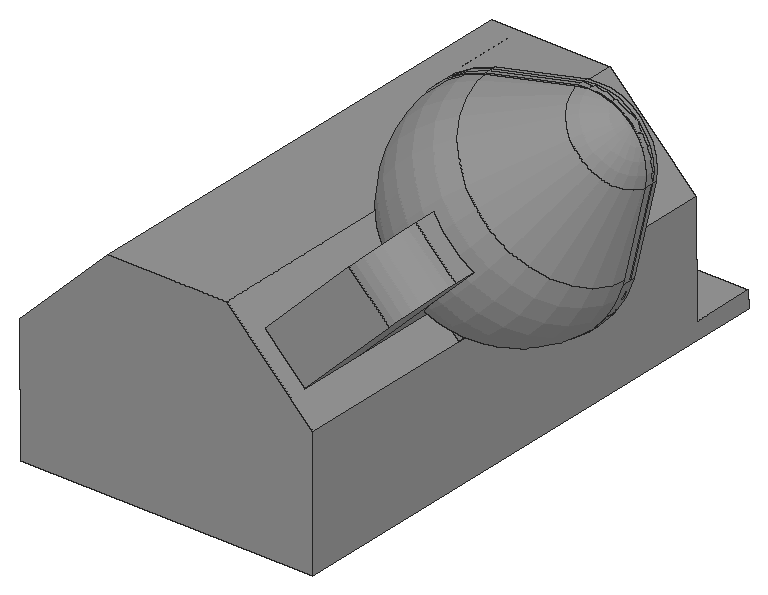
Revit family "Combination-Willoughby-ECW-1847-L-R-OF", category Plumbing Fixtures, Revit 2015
Parameters (values of type "Standard")
  Waste DIA = 2 3/8"
  Waste Connection = yes
  Vent Connection = no
  URL = "https://www.willoughby-ind.com/wp-content/uploads/2017/12/1847.pdf"
  Type Comments = ""
  Revision = "A"
  Lav Waste DIA = 1 1/2"
  Lav Waste Connection = yes
  HW Connection = no
  Flush Inlet DIA = 1 1/2"
  Flush Inlet Connection = yes
  Fixture Body = Stainless Steel AISI 304-Willoughby
  Model = "ECW-1847-L-R-OF"
  Manufacturer = "Willoughby Industries"
  Description = "1847 Combination Unit, Wall toilet waste outlet, Right toilet, Left Lav. bowl, Off Floor mounted"
  Default Elevation = 0' - 0"
  Contact = "(800) 428-4065"
  CW Connection = no
Reference planes (in)
  plane 1 "Center (Front/Back)": y = 0
  plane 2: z = 0
  plane 3 "Center (Left/Right)": x = 0
  plane 4: x = 3.59375
  plane 5: x = -3.59375
  plane 6: x = 9
  plane 7: x = -9
  plane 8: z = 7.9375
  plane 9: z = 13.25
  plane 10: z = 1.0625
  plane 11 "Lav. Waste Right Opt.": x = 2.25
  plane 12: y = 11.5
  plane 13 "seat Height": y = 15
  plane 14: y = 20.5
  plane 15: y = 24.5
  plane 16 "Flush Inlet Left Opt.": x = 6.375
  plane 17 "Lav. WasteLeft Opt.": x = -2.25
  plane 18: x = -6.375
  plane 19 "base Off Floor": y = 3
  plane 20: through (25.82094, 15.25, 8.1905) normal (0.7071, 0, 0.7071)
  plane 21: through (24.3858, 15.25, 16.51993) normal (0.7071, 0, 0.7071)
  plane 22: through (18.18448, 15.25, 18.10708) normal (0.7071, 0, -0.7071)
  plane 23: through (13.94184, 15.25, 22.34972) normal (0.7071, 0, -0.7071)
  plane 24: z = -3
Forms (in)
  Extrusion 1, solid, material "Stainless Steel AISI 304-Willoughby" <- "Fixture Body"
    sketch origin (0, 0, 0) x (1, 0, 0) y (0, 0, 1)
      loop
        line (9, 0) -> (9, 7.9375) -> (3.6875, 13.25) -> (-3.59375, 13.25) -> (-9, 7.84375) -> (-9, 0) -> (9, 0)
    from -3 to -32.5
  Extrusion 2, solid, material "Stainless Steel AISI 304-Willoughby" <- "Fixture Body"
    sketch origin (0, 0, 0) x (1, 0, 0) y (0, 0, 1)
      loop
        line (9, 0) -> (9, 1.0625) -> (-9, 1.0625) -> (-9, 0) -> (9, 0)
    from -32.5 to -36.5
  Revolve 3, solid, material "Stainless Steel AISI 304-Willoughby" <- "Fixture Body"
    sketch origin (0, 11.5, -12.68404) x (0, 0, -1) y (-1, 0, 0)
      loop
        line (-9.67628, 0) -> (-14.18404, 0) -> (-14.18404, -1.1875) -> (-9.67628, -1.1875) -> (-9.67628, 0)
      axis (-14.18404, 0) -> (-9.67628, 0)
    angle from 0 to 360
  Revolve 4, solid, material "Stainless Steel AISI 304-Willoughby" <- "Fixture Body"
    sketch origin (0, 20.5, -12.68404) x (0, 0, -1) y (-1, 0, 0)
      loop
        line (-12.68309, -6.375) -> (-14.18404, -6.375) -> (-14.18404, -7.125) -> (-12.68309, -7.125) -> (-12.68309, -6.375)
      axis (-12.68309, -6.375) -> (-14.18404, -6.375)
    angle from 0 to 360
  Revolve 5, solid, material "Stainless Steel AISI 304-Willoughby" <- "Fixture Body"
    sketch origin (0, 24.5, -7.01223) x (0, 0, -1) y (-1, 0, 0)
      loop
        line (-4.01223, 2.25) -> (-8.51223, 2.25) -> (-8.51223, 1.5) -> (-4.01223, 1.5) -> (-4.01223, 2.25)
      axis (-4.01223, 2.25) -> (-8.51223, 2.25)
    angle from 0 to 360
  Extrusion 6, void
    sketch origin (0, 0, 0) x (-1, 0, 0) y (0, 0, -1)
      loop
        arc (8.03029, -7.13944) -> (8.1929, -6.89611) -> (8.25, -6.60907) r 0.75
        line (8.25, -6.60907) -> (8.25, -4.1875)
        arc (8.25, -4.1875) -> (7.81066, -3.12684) -> (6.75, -2.6875) r 1.5
        line (6.75, -2.6875) -> (1.24411, -2.6875)
        arc (1.24411, -2.6875) -> (0.6082, -2.81399) -> (0.06911, -3.1742) r 1.66169
        line (0.06911, -3.1742) -> (-0.62332, -3.86639)
        arc (-0.62332, -3.86639) -> (-0.94854, -4.35308) -> (-1.06274, -4.92717) r 1.50011
        line (-1.06274, -4.92717) -> (-1.06274, -11.50051)
        arc (-1.06274, -11.50051) -> (-0.69647, -12.38474) -> (0.18776, -12.75101) r 1.2505
        line (0.18776, -12.75101) -> (2.23166, -12.75101)
        arc (2.23166, -12.75101) -> (2.40417, -12.71659) -> (2.55026, -12.61861) r 0.44955
        line (2.55026, -12.61861) -> (8.03029, -7.13944)
    from -32.5 to -27
  Revolve 7, solid, material "Stainless Steel AISI 304-Willoughby" <- "Fixture Body"
    sketch origin (3.42643, 14.75, 7.59167) x (-0.707107, 0, -0.707107) y (-0.707107, 0, 0.707107)
      loop
        arc (-16.25875, -6.02566) -> (-9.22764, -6.08019) -> (-5.69625, 0) r 7
        line (-5.69625, 0) -> (-6.19625, 0)
        arc (-6.19625, 0) -> (-9.4731, -5.64458) -> (-15.99973, -5.59794) r 6.5
        line (-15.99973, -5.59794) -> (-20.8721, -2.57392)
        arc (-20.8721, -2.57392) -> (-21.91777, -1.47245) -> (-22.28998, 0) r 3
        line (-22.28998, 0) -> (-22.79, 0)
        arc (-22.79, 0) -> (-22.35472, -1.71553) -> (-21.13577, -2.99875) r 3.5
        line (-21.13577, -2.99875) -> (-16.25875, -6.02566)
      axis (-22.79, 0) -> (-5.69625, 0)
    angle from 0 to 180
  Extrusion 8, solid, material "Stainless Steel AISI 304-Willoughby" <- "Fixture Body"
    sketch origin (3.27434, 14.75, 7.43957) x (-0.707107, 0, -0.707107) y (-0.707107, 0, 0.707107)
      loop
        arc (-16.31246, -6.11221) -> (-11.15584, -6.77641) -> (-6.96698, -3.69657) r 6.99024
        line (-6.96698, -3.69657) -> (-4.40074, -3.69657) -> (-4.40074, 3.65625) -> (-6.9421, 3.65625)
        arc (-6.9421, 3.65625) -> (-11.2049, 6.78845) -> (-16.44046, 6.03277) r 6.98205
        line (-16.44046, 6.03277) -> (-21.4104, 2.94819)
        arc (-21.4104, 2.94819) -> (-23.00527, 0) -> (-21.4104, -2.94819) r 3.52237
        line (-21.4104, -2.94819) -> (-16.31246, -6.11221)
      loop
        line (-20.34476, -1.63051) -> (-15.05004, -3.88749)
        arc (-15.05004, -3.88749) -> (-8.1517, 0) -> (-15.05004, 3.88749) r 4.54455
        line (-15.05004, 3.88749) -> (-20.34476, 1.63051)
        arc (-20.34476, 1.63051) -> (-21.22494, 0) -> (-20.34476, -1.63051) r 1.95034
    from 0.25 to -0.5
  Extrusion 9, solid, material "Stainless Steel AISI 304-Willoughby" <- "Fixture Body"
    sketch origin (7.10073, 15, 11.26597) x (0, 1, 0) y (0.707107, 0, 0.707107)
      loop
        line (-6.77192, 9.05193) -> (-8.17415, 9.05193)
        arc (-8.17415, 9.05193) -> (-10.09199, 8.25753) -> (-10.88639, 6.33969) r 2.71224
        line (-10.88639, 6.33969) -> (-10.88639, -1.0106) -> (-6.77192, -1.0106) -> (-6.77192, 9.05193)
    from 1.75 to -1.75
  Extrusion 10, solid, material "Stainless Steel AISI 304-Willoughby" <- "Fixture Body"
    sketch origin (7.10073, 15, 11.26597) x (0, 1, 0) y (0.707107, 0, 0.707107)
      loop
        line (-6.77192, -1.0106) -> (-0.75, -1.0106) -> (-0.75, 0.82799)
        arc (-0.75, 0.82799) -> (-4.5139, 2.48885) -> (-6.77192, 5.92785) r 7.26374
        line (-6.77192, 5.92785) -> (-6.77192, -1.0106)
    from 1.75 to -1.75
Cuts and joins
  Extrusion 6 cuts Extrusion 1
  Extrusion 6 cuts Extrusion 2
  joined: Extrusion 1, Extrusion 2
Lines and regions (in)
  symbolic lines
    curve 1: line (-9, 0, 0) -> (9, 0, 0)
    curve 2: line (9, 0, 0) -> (9, 0, 7.9375)
    curve 3: line (9, 0, 7.9375) -> (3.6875, 0, 13.25)
    curve 4: line (3.6875, 0, 13.25) -> (-3.59375, 0, 13.25)
    curve 5: line (-3.59375, 0, 13.25) -> (-9, 0, 7.84375)
    curve 6: line (-9, 0, 7.84375) -> (-9, 0, 0)
    curve 7: line (3.6875, 0, 13.25) -> (3.6875, 0, 15.81062)
    curve 8: arc (3.6875, 0, 15.81062) -> (6.7932, 0, 20.09084) -> (6.02566, 0, 25.3231) r 7.01153
    curve 9: line (6.02566, 0, 25.3231) -> (2.99875, 0, 30.20012)
    curve 10: arc (2.99875, 0, 30.20012) -> (0.00624, 0, 31.86485) -> (-2.98627, 0, 30.20012) r 3.52202
    curve 11: line (-2.98627, 0, 30.20012) -> (-6.00862, 0, 25.33044)
    curve 12: arc (-6.00862, 0, 25.33044) -> (-6.84122, 0, 20.06552) -> (-3.65625, 0, 15.79136) r 6.86637
    curve 13: line (-3.65625, 0, 15.79136) -> (-3.65625, 0, 13.1875)
    curve 14: arc (1.06274, 0, 11.50051) -> (0.69647, 0, 12.38474) -> (-0.18776, 0, 12.75101) r 1.2505
    curve 15: line (-0.18776, 0, 12.75101) -> (-2.23166, 0, 12.75101)
    curve 16: arc (-2.23166, 0, 12.75101) -> (-2.40417, 0, 12.71659) -> (-2.55026, 0, 12.61861) r 0.44955
    curve 17: line (-2.55026, 0, 12.61861) -> (-8.05127, 0, 7.11761)
    curve 18: arc (-8.05127, 0, 7.11761) -> (-8.20388, 0, 6.88415) -> (-8.25, 0, 6.60907) r 0.68041
    curve 19: line (-8.25, 0, 6.60907) -> (-8.25, 0, 4.1875)
    curve 20: arc (-8.25, 0, 4.1875) -> (-7.81066, 0, 3.12684) -> (-6.75, 0, 2.6875) r 1.5
    curve 21: line (-6.75, 0, 2.6875) -> (-1.24411, 0, 2.6875)
    curve 22: arc (-1.24411, 0, 2.6875) -> (-0.6082, 0, 2.81399) -> (-0.06911, 0, 3.1742) r 1.66169
    curve 23: line (-0.06911, 0, 3.1742) -> (0.60719, 0, 3.8505)
    curve 24: arc (0.60719, 0, 3.8505) -> (0.93993, 0, 4.34442) -> (1.06274, 0, 4.92717) r 1.55594
    curve 25: line (1.06274, 0, 4.92717) -> (1.06274, 0, 11.50051)
    curve 26: line (0, 3, 0) -> (0, 36.5, 0)
    curve 27: line (0, 36.5, 0) -> (0, 36.5, 1.0625)
    curve 28: line (0, 36.5, 1.0625) -> (0, 32.5, 1.0625)
    curve 29: line (0, 32.5, 1.0625) -> (0, 32.5, 13.25)
    curve 30: line (0, 32.5, 13.25) -> (0, 3, 13.25)
    curve 31: line (0, 3, 13.25) -> (0, 3, 0)
    curve 32: line (-9, 3, 0) -> (-9, 36.5, 0)
    curve 33: line (-9, 36.5, 0) -> (9, 36.5, 0)
    curve 34: line (9, 36.5, 0) -> (9, 3, 0)
    curve 35: line (9, 3, 0) -> (-9, 3, 0)
    curve 36: line (9, 32.5, 0) -> (-9, 32.5, 0)
    curve 37: line (6.99885, 15, 0) -> (-6.99724, 15, 0)
    curve 38: line (-6.99724, 15, 0) -> (-6.99724, 14.25, 0)
    curve 39: line (6.99885, 15, 0) -> (6.99885, 14.25, 0)
    curve 40: arc (6.99885, 14.25, 0) -> (4.76008, 9.63485, 0) -> (0, 7.72347, 0) r 7.11715
    curve 41: arc (0, 7.72347, 0) -> (-4.76962, 9.62407, 0) -> (-6.99724, 14.25, 0) r 7.07346
    curve 42: line (-1.75, 7.95745, 0) -> (-1.75, 4.11361, 0)
    curve 43: line (-1.75, 4.11361, 0) -> (1.75, 4.11361, 0)
    curve 44: line (1.75, 4.11361, 0) -> (1.75, 7.96583, 0)
    curve 45: line (0, 15, 13.25) -> (0, 15, 31.85452)
    curve 46: line (0, 15, 31.85452) -> (0, 14.25, 31.85452)
    curve 47: arc (0, 14.25, 31.85452) -> (0, 12.82525, 31.28436) -> (0, 11.76289, 30.17695) r 3.634
    curve 48: line (0, 11.76289, 30.17695) -> (0, 8.77431, 25.3231)
    curve 49: arc (0, 8.77431, 25.3231) -> (0, 8.28354, 24.35199) -> (0, 7.96198, 23.31253) r 6.48726
    curve 50: line (0, 7.96198, 23.31253) -> (0, 6.82585, 23.31253)
    curve 51: arc (0, 6.82585, 23.31253) -> (0, 4.90801, 22.51813) -> (0, 4.11361, 20.60029) r 2.71224
    curve 52: line (0, 4.11361, 20.60029) -> (0, 4.11361, 13.25)
    curve 53: line (0, 14.25, 13.25) -> (0, 15, 13.25)
    curve 54: line (0, 14.25, 13.25) -> (0, 14.25, 15.08859)
    curve 55: arc (0, 14.25, 15.08859) -> (0, 9.19814, 17.74181) -> (0, 7.96198, 23.31253) r 6.77891
Dimensions and locks (in)
  equal spacing: plane 4, plane 3 "Center (Left/Right)", plane 5
  plane 4 to plane 5 = 0' - 7 3/16"
  equal spacing: plane 6, plane 3 "Center (Left/Right)", plane 7
  plane 6 to plane 7 = 1' - 6"
  plane 6 to plane 3 "Center (Left/Right)" = 0' - 9"
  level to plane 9 = 1' - 1 1/4"
  level to plane 8 = 0' - 7 15/16"
  plane 6 to plane 11 "Lav. Waste Right Opt." = 0' - 6 3/4"
  plane 12 to plane 1 "Center (Front/Back)" = 0' - 11 1/2"
  plane 13 "seat Height" to plane 1 "Center (Front/Back)" = 1' - 3"
  plane 14 to plane 1 "Center (Front/Back)" = 1' - 8 1/2"
  plane 15 to plane 1 "Center (Front/Back)" = 2' - 0 1/2"
  locked: plane 1 "Center (Front/Back)" to plane 12 at 11.5
  plane 1 "Center (Front/Back)" to plane 14 = 1' - 8 1/2"
  locked: plane 1 "Center (Front/Back)" to plane 15 at 24.5
  locked: plane 1 "Center (Front/Back)" to plane 13 "seat Height" at 15
  locked: plane 1 "Center (Front/Back)" to cut or joined group of Extrusion 1, Extrusion 2, Extrusion 6 at 32.5
  locked: cut or joined group of Extrusion 1, Extrusion 2, Extrusion 6 to plane 1 "Center (Front/Back)" at 36.5
  locked: plane 7 to plane 6 at 18
  plane 7 to plane 3 "Center (Left/Right)" = 0' - 9"
  plane 6 to plane 16 "Flush Inlet Left Opt." = 0' - 2 5/8"
  plane 17 "Lav. WasteLeft Opt." to plane 7 = 0' - 6 3/4"
  plane 18 to plane 7 = 0' - 2 5/8"
  plane 7 to plane 17 "Lav. WasteLeft Opt." = 0' - 6 3/4"
  plane 16 "Flush Inlet Left Opt." to plane 6 = 0' - 2 5/8"
  locked: plane 1 "Center (Front/Back)" to plane 19 "base Off Floor" at 3
  plane 22 to plane 23 = 0' - 6"
  aligned and locked: plane 6 to Extrusion 2
  aligned and locked: Extrusion 2 to plane 10
  aligned and locked: Extrusion 2 to plane 7
  aligned and locked: Extrusion 2 to level
  aligned and locked: Revolve 4 sketch curve to Revolve 4 sketch curve  (x2)
  aligned and locked: Revolve 5 sketch curve to Revolve 5 sketch curve  (x2)
Automatic sketch dimensions
  curve 1 to level = 0' - 0"
  curve 1 to plane 7 = 0' - 0"
  curve 5 to plane 5 = 0' - 0"
  curve 7 to plane 9 = 0' - 0"
  curve 2 to plane 6 = 0' - 0"
  curve 2 to plane 8 = 0' - 0"
  plane 7 to curve 19 = 0' - 0 3/4"
  curve 17 to plane 8 = 0' - 0.81989"
  curve 18 to curve 17 = 0' - 0.19873"
  curve 18 to curve 18 = 0' - 0.48112"
  curve 21 to plane 18 = 0' - 0 3/8"
  plane 18 to curve 11 = 0' - 0.36638"
  curve 13 to plane 5 = 0' - 0 1/16"
  plane 5 to curve 11 = 0' - 0.60748"
  curve 17 to plane 17 "Lav. WasteLeft Opt." = 0' - 0.30026"
  plane 17 "Lav. WasteLeft Opt." to curve 15 = 0' - 0.01834"
  plane 17 "Lav. WasteLeft Opt." to curve 22 = 0' - 1.00589"
  curve 24 to plane 3 "Center (Left/Right)" = 0' - 0.49302"
  curve 15 to plane 3 "Center (Left/Right)" = 0' - 0.18776"
  curve 12 to plane 3 "Center (Left/Right)" = 0' - 0.17457"
  curve 23 to plane 3 "Center (Left/Right)" = 0' - 0.06911"
  curve 8 to plane 3 "Center (Left/Right)" = 0' - 0.01567"
  plane 3 "Center (Left/Right)" to curve 10 = 0' - 0.00624"
  plane 3 "Center (Left/Right)" to curve 23 = 0' - 0.60719"
  plane 3 "Center (Left/Right)" to curve 25 = 0' - 1.06274"
  curve 9 to plane 4 = 0' - 0.595"
  plane 4 to curve 7 = 0' - 0 3/32"
  curve 9 to plane 16 "Flush Inlet Left Opt." = 0' - 0.34934"
  curve 21 to plane 10 = 0' - 1 5/8"
  curve 22 to curve 23 = 0' - 0.4867"
  curve 23 to curve 23 = 0' - 0.6763"
  curve 24 to curve 25 = 0' - 1.07667"
  curve 19 to curve 18 = 0' - 0.50853"
  curve 5 to plane 8 = 0' - 0 3/32"
  curve 14 to plane 9 = 0' - 1.74949"
  curve 16 to curve 15 = 0' - 0.44955"
  plane 9 to curve 13 = 0' - 2.54136"
  curve 3 to curve 7 = 0' - 2.56062"
  curve 13 to curve 12 = 0' - 5.91819"
  curve 12 to curve 8 = 0' - 0.05491"
  curve 8 to curve 10 = 0' - 6.57837"
  curve 10 to curve 11 = 0' - 1.85729"
  Extrusion 1 sketch curve to level = 0' - 0"
  Extrusion 1 sketch curve to plane 7 = 0' - 0"
  Extrusion 1 sketch curve to plane 5 = 0' - 0"
  Extrusion 1 sketch curve to plane 9 = 0' - 0"
  Extrusion 1 sketch curve to plane 6 = 0' - 0"
  Extrusion 1 sketch curve to plane 8 = 0' - 0"
  plane 4 to Extrusion 1 sketch curve = 0' - 0 3/32"
  Extrusion 1 sketch curve to plane 8 = 0' - 0 3/32"
  Extrusion 2 sketch curve to level = 0' - 0"
  Extrusion 2 sketch curve to plane 7 = 0' - 0"
  Extrusion 2 sketch curve to plane 6 = 0' - 0"
  Extrusion 2 sketch curve to plane 10 = 0' - 0"
  Revolve 3 sketch curve to plane 3 "Center (Left/Right)" = 0' - 0"  (x2)
  Revolve 3 sketch curve to plane 10 = 0' - 0 7/16"
  plane 3 "Center (Left/Right)" to Revolve 3 sketch curve = 0' - 1 3/16"
  Revolve 3 sketch curve to level = 0' - 3.00776"
  Revolve 3 sketch curve to Revolve 3 sketch curve = 0' - 0"
  Revolve 3 sketch curve to Revolve 3 sketch curve = 0' - 0.50776"
  Revolve 4 sketch curve to plane 16 "Flush Inlet Left Opt." = 0' - 0"
  Revolve 4 sketch curve to plane 10 = 0' - 0 7/16"
  plane 16 "Flush Inlet Left Opt." to Revolve 4 sketch curve = 0' - 0 3/4"
  Revolve 4 sketch curve to level = 0' - 0.00095"
  Revolve 4 sketch curve to Revolve 4 sketch curve = 0' - 0"
  Extrusion 6 sketch curve to plane 3 "Center (Left/Right)" = 0' - 1.06274"
  Extrusion 6 sketch curve to plane 3 "Center (Left/Right)" = 0' - 0.62332"
  plane 3 "Center (Left/Right)" to Extrusion 6 sketch curve = 0' - 0.06911"
  plane 3 "Center (Left/Right)" to Extrusion 6 sketch curve = 0' - 0.18776"
  plane 3 "Center (Left/Right)" to Extrusion 6 sketch curve = 0' - 0.43738"
  Extrusion 6 sketch curve to Extrusion 6 sketch curve = 0' - 0.80673"
  Extrusion 6 sketch curve to plane 17 "Lav. WasteLeft Opt." = 0' - 0.01834"
  plane 17 "Lav. WasteLeft Opt." to Extrusion 6 sketch curve = 0' - 0.30026"
  plane 18 to Extrusion 6 sketch curve = 0' - 0 3/8"
  plane 18 to Extrusion 6 sketch curve = 0' - 1 1/8"
  Extrusion 6 sketch curve to Extrusion 6 sketch curve = 0' - 0.53029"
  Extrusion 6 sketch curve to Extrusion 6 sketch curve = 0' - 0.21971"
  plane 10 to Extrusion 6 sketch curve = 0' - 1 5/8"
  Extrusion 6 sketch curve to Extrusion 6 sketch curve = 0' - 0.4867"
  Extrusion 6 sketch curve to Extrusion 6 sketch curve = 0' - 0.69219"
  plane 8 to Extrusion 6 sketch curve = 0' - 1.32843"
  plane 9 to Extrusion 6 sketch curve = 0' - 1.74949"
  Extrusion 6 sketch curve to Extrusion 6 sketch curve = 0' - 0.44955"
  curve 32 to plane 7 = 0' - 0"
  curve 37 to plane 13 "seat Height" = 0' - 0"
  curve 41 to plane 3 "Center (Left/Right)" = 0' - 0"
  curve 34 to plane 6 = 0' - 0"
  curve 32 to plane 19 "base Off Floor" = 0' - 0"
  curve 37 to plane 18 = 0' - 0.62224"
  plane 17 "Lav. WasteLeft Opt." to curve 43 = 0' - 0 1/2"
  curve 40 to plane 3 "Center (Left/Right)" = 0' - 0.0938"
  plane 3 "Center (Left/Right)" to curve 41 = 0' - 0.05506"
  plane 16 "Flush Inlet Left Opt." to curve 39 = 0' - 0.62385"
  plane 19 "base Off Floor" to curve 43 = 0' - 1.11361"
  curve 38 to plane 13 "seat Height" = 0' - 0 3/4"
  curve 41 to plane 13 "seat Height" = 0' - 0.20328"
  plane 15 to curve 33 = 1' - 0"
  curve 44 to plane 11 "Lav. Waste Right Opt." = 0' - 0 1/2"
  curve 41 to curve 44 = 0' - 0.24236"
  curve 36 to curve 32 = 0' - 4"
  curve 26 to level = 0' - 0"
  curve 26 to plane 19 "base Off Floor" = 0' - 0"
  curve 52 to plane 9 = 0' - 0"
  curve 54 to plane 9 = 0' - 0"
  curve 46 to plane 13 "seat Height" = 0' - 0"
  plane 10 to curve 28 = 0' - 0"
  plane 19 "base Off Floor" to curve 52 = 0' - 1.11361"
  curve 51 to curve 50 = 0' - 1.13613"
  curve 49 to curve 48 = 0' - 0.81232"
  plane 12 to curve 48 = 0' - 0.26289"
  curve 46 to plane 13 "seat Height" = 0' - 0 3/4"
  curve 54 to curve 53 = 0' - 0 3/4"
  curve 49 to plane 13 "seat Height" = 0' - 0.70158"
  curve 49 to curve 55 = 0' - 0.28488"
  curve 47 to plane 13 "seat Height" = 0' - 0.14264"
  plane 15 to curve 30 = 0' - 8"
  curve 28 to curve 28 = 0' - 4"
  curve 55 to curve 50 = 0' - 1.45322"
  curve 55 to curve 49 = 0' - 0.06252"
  curve 49 to curve 47 = 0' - 6.34981"
  curve 47 to curve 48 = 0' - 1.90531"
  curve 53 to curve 55 = 0' - 1.83859"
  Revolve 7 sketch curve to Revolve 7 sketch curve = 0' - 0"  (x7)
  Revolve 7 sketch curve to plane 20 = 0' - 0"
  Revolve 7 sketch curve to plane 21 = 0' - 1.84366"
  Revolve 7 sketch curve to plane 21 = 0' - 0.26165"
  Revolve 7 sketch curve to plane 22 = 0' - 0.00125"
  plane 21 to Revolve 7 sketch curve = 0' - 0.00202"
  plane 21 to Revolve 7 sketch curve = 0' - 1 5/32"
  Revolve 7 sketch curve to Revolve 7 sketch curve = 0' - 0 1/2"  (x2)
  Revolve 7 sketch curve to plane 20 = 0' - 0.25901"
  Revolve 7 sketch curve to plane 20 = 0' - 3 9/16"
  Revolve 7 sketch curve to plane 22 = 0' - 3"
  Revolve 7 sketch curve to Revolve 7 sketch curve = 0' - 6 1/2"
  Revolve 7 sketch curve to plane 22 = 0' - 0.42608"
  plane 16 "Flush Inlet Left Opt." to Extrusion 8 sketch curve = 1' - 2.12346"
  plane 9 to Extrusion 8 sketch curve = 0' - 7.24433"
  Extrusion 8 sketch curve to Extrusion 8 sketch curve = 0' - 0"  (x2)
  Extrusion 8 sketch curve to Extrusion 8 sketch curve = 0' - 1.06564"  (x2)
  Extrusion 8 sketch curve to Extrusion 8 sketch curve = 0' - 0.86186"
  Extrusion 8 sketch curve to Extrusion 8 sketch curve = 0' - 0.2083"
  Extrusion 8 sketch curve to Extrusion 8 sketch curve = 0' - 4.96994"
  Extrusion 8 sketch curve to Extrusion 8 sketch curve = 0' - 5.09794"
  Extrusion 8 sketch curve to Extrusion 8 sketch curve = 0' - 1.39042"
  Extrusion 8 sketch curve to Extrusion 8 sketch curve = 0' - 1.26242"
  Extrusion 8 sketch curve to Extrusion 8 sketch curve = 0' - 2.14484"
  Extrusion 8 sketch curve to Extrusion 8 sketch curve = 0' - 0.00561"
  Extrusion 8 sketch curve to Extrusion 8 sketch curve = 0' - 0.20334"
  Extrusion 8 sketch curve to Extrusion 8 sketch curve = 0' - 5.72926"
  Extrusion 8 sketch curve to Extrusion 8 sketch curve = 0' - 5.75415"
  Extrusion 8 sketch curve to Extrusion 8 sketch curve = 0' - 2.54136"
  Extrusion 8 sketch curve to Extrusion 8 sketch curve = 0' - 0.74838"
  Extrusion 8 sketch curve to Extrusion 8 sketch curve = 0' - 0.9393"
  Extrusion 8 sketch curve to Extrusion 8 sketch curve = 0' - 2.22472"
  Extrusion 8 sketch curve to Extrusion 8 sketch curve = 0' - 1.31767"
  Extrusion 8 sketch curve to Extrusion 8 sketch curve = 0' - 0.00861"
  Extrusion 8 sketch curve to Extrusion 8 sketch curve = 0' - 1.63051"
  Extrusion 8 sketch curve to Extrusion 8 sketch curve = 0' - 0.0238"
  Extrusion 8 sketch curve to Extrusion 8 sketch curve = 0' - 3 21/32"
  plane 19 "base Off Floor" to Extrusion 9 sketch curve = 0' - 1.11361"
  Extrusion 9 sketch curve to Extrusion 9 sketch curve = 0' - 2.71224"
  Extrusion 9 sketch curve to plane 12 = 0' - 3.27192"
  Extrusion 9 sketch curve to Extrusion 9 sketch curve = 0' - 7.35029"
  Extrusion 10 sketch curve to plane 12 = 0' - 3.27192"
  Extrusion 10 sketch curve to plane 13 "seat Height" = 0' - 0 3/4"
  plane 13 "seat Height" to Extrusion 10 sketch curve = 0' - 0.18041"
  Extrusion 10 sketch curve to Extrusion 10 sketch curve = 0' - 1.83859"
  Extrusion 10 sketch curve to Extrusion 10 sketch curve = 0' - 6.93845"
  Revolve 5 sketch curve to plane 17 "Lav. WasteLeft Opt." = 0' - 0"
  Revolve 5 sketch curve to plane 24 = 0' - 0"
  Revolve 5 sketch curve to plane 10 = 0' - 0 7/16"
  Revolve 5 sketch curve to Revolve 5 sketch curve = 0' - 0 3/4"
  Revolve 5 sketch curve to Revolve 5 sketch curve = 0' - 0"
Connectors (in)
  piping at (0, 11.5, -3.00776), diameter 2.375, driven by "Waste Connection", driven by "Waste DIA"
    settings: on Revolve 3, index 1, connector inside diameter 24", connector length 0' - 0", flow factor 0, pipe flow 1.28 GPM, pressure drop 0.00 psi, fitting loss kfactor 0, connector angle 0.00°, fixture units 0, engagement length 0' - 0", angle of deflection 0.00°, flow configuration 0, flow direction 2, fitting loss method 0, system type 16, joint type 0, gender type 0, connector reference index -1, connector utility 1, adjustable connector no, is connector primary yes, connector description "Toilet Waste"
  piping at (6.375, 20.5, -0.00095), diameter 1.5, driven by "Flush Inlet DIA", driven by "Flush Inlet Connection"
    settings: on Revolve 4, index 2, connector inside diameter 24", connector length 0' - 0", flow factor 0, pipe flow 0 GPM, pressure drop 0.00 psi, fitting loss kfactor 0, connector angle 0.00°, fixture units 0, engagement length 0' - 0", angle of deflection 0.00°, flow configuration 0, flow direction 1, fitting loss method 0, system type 20, joint type 0, gender type 0, connector reference index -1, connector utility 1, adjustable connector no, is connector primary no, connector description "Flush Inlet"
  piping at (-2.25, 24.5, -3), diameter 1.5, driven by "Lav Waste DIA", driven by "Lav Waste Connection"
    settings: on Revolve 5, index 3, connector inside diameter 24", connector length 0' - 0", flow factor 0, pipe flow 0 GPM, pressure drop 0.00 psi, fitting loss kfactor 0, connector angle 0.00°, fixture units 0, engagement length 0' - 0", angle of deflection 0.00°, flow configuration 0, flow direction 2, fitting loss method 0, system type 16, joint type 0, gender type 0, connector reference index -1, connector utility 1, adjustable connector no, is connector primary no, connector description "Sink Waste"
